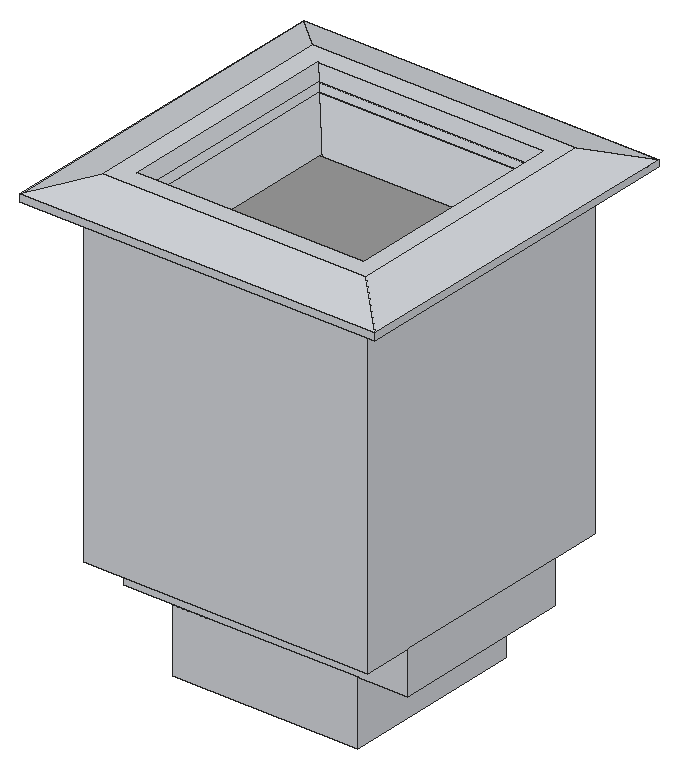
Revit family "2061027 Sylvania Lighting Fixture DOMINO 1xLED 930 BLACK NB TRIM BLACK", category Lighting Fixtures, host Face, Revit 2018
Family settings
  Host = Face
  Round Connector Dimension = Use Diameter
  Part Type = Normal
  OmniClass Number = 23.80.70.00
  OmniClass Title = Lighting
  Cut with Voids When Loaded = No
  Light Source = Yes
  Shared = No
  Room Calculation Point = No
Parameters (values of type "2061027 DOMINO 1XLED 930 BLACK NB TR BLK ")
  top top width = 15.812 mm
  top top length = 26 mm
  Width = 50 mm
  Weight = "n/a"
  Wattage Comments = ""
  Wattage = 9.2903 W
  WarrantyStartDate [instance] = "n/a"
  WarrantyGuarantorParts = "n/a"
  WarrantyDurationUnit = "n/a"
  WarrantyDurationParts = ""
  WarrantyDescription = "http://www.sylvania-lighting.com"
  built-in parameter 1150110 = 1 (stored number, unit not read)
  Voltage = 0 V
  URL = "0.6"
  TypeName = "DOMINO 1xLED 930 BLACK NB TRIM BLACK"
  Type Image = <None>
  Type Comments = "n/a"
  built-in parameter 1114217 = 1 (stored number, unit not read)
  Top Width = 26 mm
  Tilt Angle = 90.00°
  built-in parameter 1150109 = 1 (stored number, unit not read)
  built-in parameter 1150134 = 3
  built-in parameter 1150113 = 1 (stored number, unit not read)
  SerialNumber [instance] = "n/a"
  Recessed Width = 43 mm
  Recessed Length = 43 mm
  Photometric Web File = "2061027.ies"
  Material_3_FEILO = none
  PowerFactor = 0
  PowerConsumption = "Lighting"
  NominalLength = 50 mm
  NominalHeight = 0 mm
  NominalDepth = 0 mm
  Name = "DOMINO 1xLED 930 BLACK NB TRIM BLACK"
  ModelReference = Name  # "DOMINO 1xLED 930 BLACK NB TRIM BLACK"
  ModelNumber = "2061027"
  Model = Name  # "DOMINO 1xLED 930 BLACK NB TRIM BLACK"
  Material = "Feilo Sylvania"
  ManufacturerName = "45 lm/W"
  Manufacturer = ""
  LuminousEfficacy = ""
  built-in parameter 1150105 = 109.82 (stored number, unit not read)
  Lumens = 1380 lm
  LuminaireType = "0"
  built-in parameter 1150115 = 1 (stored number, unit not read)
  LightOutputRatio = "LED"
  built-in parameter 1150137 = (empty or 0)
  built-in parameter 1150139 = (empty or 0)
  Lens inside recess = 25 mm
  Lens Width = 32 mm
  Lens Outside recess = 31.978 mm
  Lens = Glass, White, High Luminance
  Length = 50 mm
  LampsType = Lamp  # "n/a"
  LampNominalLuminous = "3000 K"
  LampMacAdamStep = "90"
  LampColourTemperature = "LED"
  LampColourRenderingIndex = "16500"
  built-in parameter 1150112 = 1 (stored number, unit not read)
  built-in parameter 1150114 = 1 (stored number, unit not read)
  Lamp = "n/a"
  Keynote = "n/a"
  InstallationDate [instance] = "n/a"
  InputVoltage = "0"
  InputNominalFrequency = "3000"
  built-in parameter 1150132 = (empty or 0)
  built-in parameter 1150102 = (empty or 0)
  built-in parameter 1150107 = 3200 (stored number, unit not read)
  built-in parameter 1150138 = (empty or 0)
  IngressProtection = "IfcLightFixtureType"
  ImpactProtectionIndex = "IfcLightFixtureType"
  built-in parameter 1150106 = 1.0982 (stored number, unit not read)
  IfcExportType = "IfcLightFixtureType"
  IfcExportAs = "Class II"
  Facia internal width = 37 mm
  Facia internal length = 37 mm
  Facia Height = 2 mm
  ExpectedLife = 50000
  Emit from Circle Diameter = 609.6 mm
  Emit Shape Visible in Rendering = no
  ElectricShockClassification = "45"
  built-in parameter 1150104 = 13.8 (stored number, unit not read)
  DurationUnit = "hours"
  DocumentationLiterature = "http://www.sylvania-lighting.com/product/en-int/products/2061027"
  DimmingControlOptions = "n/a"
  Material_2_FEILO = none
  Dimming Lamp Color Temperature Shift = <None>
  Description = "Modular LED recessed linear spotlight, ideal for retail and hospitality applications. Die-cast aluminium body, passive cooling. Two levels of reflector installation, low glaring UGR<16. 1x LED source, 15° beam angle , optics: PMMA lens and polycarbonate reflector combination, Black matt reflector finish. Light color temperature: 3000K warm white, total system power: 4W , total fixture lumen output: 180lm, efficacy: 45 lm/W, Ra90 typical, LED chromacity: 3 step MacAdam ellipse (SDCM3), lifespan: 96,000 hours at 90% of the original output (L90B10), IR/UV free light source without heat radiation, operating voltage: 220-240V / 50-60Hz, electronic driver, ultra low flicker, non-dimmable , electrical protection: Class II. Degree of Protection: IP40/IP20, suitable for indoor environment only. Ceiling cut-out: 43x43mm, outer dimensions:  50x50mm trim frame RAL 9005 - Jet black color.5 years Warranty."
  Default Elevation = 1219.2 mm
  CreatedOn = "09/02/2021"
  CreatedBy = "@sylvania-lighting.com"
  Cost = 0
  Color Filter = 16777215
  built-in parameter 1114216 [instance] = (empty or 0)
  ClassificationValue = "EF_70_80"
  ClassificationName = "Uniclass2015"
  Material_1_FEILO = none
  Body Width = 40 mm
  Body Length = 40 mm
  BarCode [instance] = "n/a"
  built-in parameter 1114218 = 1 (stored number, unit not read)
  built-in parameter 1150133 = 10 (stored number, unit not read)
  AssetType = "Fixed"
  AssetIdentifier [instance] = "n/a"
  Assembly Code = "D5020200"
  Apparent Load = 4 VA
  Material_4_FEILO = none
Reference planes
  plane 1 "Center (Front/Back)": y = 0
  plane 2: z = 0
  plane 3 "Center (Left/Right)": x = 0
  plane 4: z = 0
  plane 5: z = -7
  plane 6: z = -45.895
  plane 7: z = -51.895
  plane 8: z = -60.895
  plane 9: x = -21.5
  plane 10: x = 21.5
  plane 11: y = 21.5
  plane 12: y = -21.5
  plane 13: x = -25
  plane 14: x = 25
  plane 15: y = 25
  plane 16: y = -25
  plane 17: x = 18.5
  plane 18: x = -18.5
  plane 19: y = 18.5
  plane 20: y = -18.5
  plane 21: z = 2
  plane 22: x = -20
  plane 23: x = 20
  plane 24: y = 20
  plane 25: y = -20
  plane 26: y = 13
  plane 27: y = -13
  plane 28: y = 16
  plane 29: y = -16
  plane 30: x = 13
  plane 31: x = -13
  plane 32: x = -15.772
  plane 33: x = 16.206
  plane 34: y = 12.5
  plane 35: y = -12.5
  plane 36: x = -12.5
  plane 37: x = 12.5
Forms (mm)
  Extrusion 1, solid, not visible, detail levels medium+fine
    sketch origin (4.2, 0, 0) x (1, 0, 0) y (0, 1, 0)
      loop
        line (-29.2, 34.5) -> (-29.2, -34.5) -> (20.8, -34.5) -> (20.8, 34.5) -> (-29.2, 34.5)
    from 0 to 1
  Extrusion 2, solid, not visible, detail levels medium+fine
    sketch origin (4.044, 0, 0) x (1, 0, 0) y (0, 1, 0)
      loop
        line (-29.2, 34.5) -> (-29.2, -34.5) -> (20.8, -34.5) -> (20.8, 34.5) -> (-29.2, 34.5)
    from 0 to 1
  Blend 3, solid, not visible, detail levels medium+fine
    base sketch origin (4.2, 0, 0) x (1, 0, 0) y (0, 1, 0)
      loop
        line (-29.2, 34.5) -> (-29.2, -34.5) -> (20.8, -34.5) -> (20.8, 34.5) -> (-29.2, 34.5)
    top sketch origin (4.2, 0, 0) x (1, 0, 0) y (0, 1, 0)
      loop
        line (-21.7, 28) -> (-21.7, -28) -> (13.3, -28) -> (13.3, 28) -> (-21.7, 28)
    from 1 to 3
  Extrusion 4, solid, not visible, detail levels medium+fine
    sketch origin (3.419, 0, 0) x (1, 0, 0) y (0, 1, 0)
      loop
        line (-29.2, 34.5) -> (-29.2, -34.5) -> (20.8, -34.5) -> (20.8, 34.5) -> (-29.2, 34.5)
    from 0 to 1
  Blend 5, solid, not visible, detail levels medium+fine
    base sketch origin (3.575, 0, 0) x (1, 0, 0) y (0, 1, 0)
      loop
        line (-29.2, 34.5) -> (-29.2, -34.5) -> (20.8, -34.5) -> (20.8, 34.5) -> (-29.2, 34.5)
    top sketch origin (3.575, 0, 0) x (1, 0, 0) y (0, 1, 0)
      loop
        line (-21.7, 28) -> (-21.7, -28) -> (13.3, -28) -> (13.3, 28) -> (-21.7, 28)
    from 1 to 3
  Extrusion 6, solid, not visible, detail levels medium+fine
    sketch origin (4.247, 0, 0) x (1, 0, 0) y (0, 1, 0)
      loop
        line (-29.2, 34.5) -> (-29.2, -34.5) -> (20.8, -34.5) -> (20.8, 34.5) -> (-29.2, 34.5)
    from 0 to 1
  Blend 7, solid, not visible, detail levels medium+fine
    base sketch origin (4.403, 0, 0) x (1, 0, 0) y (0, 1, 0)
      loop
        line (-29.2, 34.5) -> (-29.2, -34.5) -> (20.8, -34.5) -> (20.8, 34.5) -> (-29.2, 34.5)
    top sketch origin (4.403, 0, 0) x (1, 0, 0) y (0, 1, 0)
      loop
        line (-21.7, 28) -> (-21.7, -28) -> (13.3, -28) -> (13.3, 28) -> (-21.7, 28)
    from 1 to 3
  Extrusion 8, void, detail levels medium+fine
    sketch origin (4.2, 0, 0) x (0, 1, 0) y (1, 0, 0)
      loop
        line (21.5, -25.7) -> (21.5, 17.3) -> (-21.5, 17.3) -> (-21.5, -25.7) -> (21.5, -25.7)
    from -9.934 to 83.097
  Extrusion 9, solid, detail levels medium+fine
    sketch origin (4.2, 0, 0) x (1, 0, 0) y (0, 1, 0)
      loop
        line (-29.2, 25) -> (-29.2, -25) -> (20.8, -25) -> (20.8, 25) -> (-29.2, 25)
    from 0 to 1
  Extrusion 10, solid, detail levels medium+fine
    sketch origin (4.2, 0, 0) x (1, 0, 0) y (0, 1, 0)
      loop
        line (-24.2, 20) -> (-24.2, -20) -> (15.8, -20) -> (15.8, 20) -> (-24.2, 20)
    from 0 to -45.895
  Extrusion 11, solid, detail levels medium+fine
    sketch origin (4.2, 0, 0) x (1, 0, 0) y (0, 1, 0)
      loop
        line (-24.2, 13) -> (-24.2, -13) -> (15.8, -13) -> (15.8, 13) -> (-24.2, 13)
    from -51.895 to -45.895
  Extrusion 12, solid, material "Glass, White, High Luminance" <- "Lens", detail levels fine
    sketch origin (13.547, 1218.849, 36.156) x (1, 0, 0) y (0, 1, 0)
      loop
        line (-26.047, -1206.7) -> (-26.047, -1231.7) -> (-1.047, -1231.7) -> (-1.047, -1206.7) -> (-26.047, -1206.7)
    from -43.156 to -42.182
  Blend 13, solid, detail levels medium+fine
    base sketch origin (4.2, 0, 0) x (1, 0, 0) y (0, 1, 0)
      loop
        line (-29.2, 25) -> (-29.2, -25) -> (20.8, -25) -> (20.8, 25) -> (-29.2, 25)
    top sketch origin (4.2, 0, 0) x (1, 0, 0) y (0, 1, 0)
      loop
        line (-22.7, 18.5) -> (-22.7, -18.5) -> (14.3, -18.5) -> (14.3, 18.5) -> (-22.7, 18.5)
    from 1 to 3
  Extrusion 14, solid, detail levels fine
    sketch origin (0, 0, 0) x (1, 0, 0) y (0, 0, 1)
      loop
        line (-13, -51.895) -> (-13, -60.895) -> (13, -60.895) -> (13, -51.895) -> (-13, -51.895)
    from -13 to 13
  Blend 15, void, detail levels medium+fine
    base sketch origin (4.2, 0, 0) x (0, 1, 0) y (-1, 0, 0)
      loop
        line (16, 19.972) -> (-16, 19.972) -> (-16, -12.006) -> (16, -12.006) -> (16, 19.972)
    top sketch origin (4.2, 0, 0) x (0, 1, 0) y (-1, 0, 0)
      loop
        line (12.5, 16.7) -> (-12.5, 16.7) -> (-12.5, -8.3) -> (12.5, -8.3) -> (12.5, 16.7)
    from 3 to -7
  Extrusion 16, solid, detail levels coarse
    sketch origin (4.2, 0, 0) x (1, 0, 0) y (0, 1, 0)
      loop
        line (-29.2, 25) -> (-29.2, -25) -> (20.8, -25) -> (20.8, 25) -> (-29.2, 25)
    from 3 to -60.895
Cuts and joins
  Blend 15 cuts Extrusion 9
  Blend 15 cuts Extrusion 10
  Blend 15 cuts Blend 13
Dimensions and locks
  "Recessed Length": plane 9 to plane 10
  equal spacing: plane 9, plane 3 "Center (Left/Right)", plane 10
  "Length": plane 13 to plane 14
  equal spacing: plane 13, plane 3 "Center (Left/Right)", plane 14
  "Recessed Width": plane 11 to plane 12
  equal spacing: plane 11, plane 1 "Center (Front/Back)", plane 12
  "Width": plane 15 to plane 16
  equal spacing: plane 15, plane 1 "Center (Front/Back)", plane 16
  "Facia internal length": plane 18 to plane 17
  equal spacing: plane 18, plane 3 "Center (Left/Right)", plane 17
  "Facia internal width": plane 19 to plane 20
  equal spacing: plane 19, plane 1 "Center (Front/Back)", plane 20
  "Facia Height": plane 21 to host face
  "Body Length": plane 22 to plane 23
  equal spacing: plane 22, plane 3 "Center (Left/Right)", plane 23
  "Body Width": plane 24 to plane 25
  equal spacing: plane 24, plane 1 "Center (Front/Back)", plane 25
  "Top Width": plane 26 to plane 27
  equal spacing: plane 26, plane 1 "Center (Front/Back)", plane 27
  "Lens Width": plane 28 to plane 29
  equal spacing: plane 28, plane 1 "Center (Front/Back)", plane 29
  "top top length": plane 31 to plane 30
  equal spacing: plane 31, plane 3 "Center (Left/Right)", plane 30  (x2)
  plane 30 to plane 31 = 26 mm
  equal spacing: plane 30, plane 3 "Center (Left/Right)", plane 31
  "Lens Outside recess": plane 32 to plane 33
  "Lens inside recess": plane 34 to plane 35
  equal spacing: plane 34, plane 1 "Center (Front/Back)", plane 35
  aligned and locked: plane 2 to host face
  aligned and locked: level to host face
  aligned and locked: Extrusion 11 to plane 7
  aligned and locked: Extrusion 10 to plane 6
  aligned and locked: cut or joined group of Blend 13, Blend 15 to Blend 15
Automatic sketch dimensions
  host sketch curve to host sketch curve = 2438.4 mm  (x2)
  Extrusion 1 sketch curve to Extrusion 1 sketch curve = 50 mm
  Extrusion 1 sketch curve to Extrusion 1 sketch curve = 69 mm
  Extrusion 2 sketch curve to Extrusion 2 sketch curve = 50 mm
  Extrusion 2 sketch curve to Extrusion 2 sketch curve = 69 mm
  Blend 3 sketch curve to Blend 3 sketch curve = 50 mm
  Blend 3 sketch curve to Blend 3 sketch curve = 69 mm
  Blend 3 sketch curve to Blend 3 sketch curve = 35 mm
  Blend 3 sketch curve to Blend 3 sketch curve = 56 mm
  Extrusion 4 sketch curve to Extrusion 4 sketch curve = 50 mm
  Extrusion 4 sketch curve to Extrusion 4 sketch curve = 69 mm
  Blend 5 sketch curve to Blend 5 sketch curve = 50 mm
  Blend 5 sketch curve to Blend 5 sketch curve = 69 mm
  Blend 5 sketch curve to Blend 5 sketch curve = 35 mm
  Blend 5 sketch curve to Blend 5 sketch curve = 56 mm
  Extrusion 6 sketch curve to Extrusion 6 sketch curve = 50 mm
  Extrusion 6 sketch curve to Extrusion 6 sketch curve = 69 mm
  Blend 7 sketch curve to Blend 7 sketch curve = 50 mm
  Blend 7 sketch curve to Blend 7 sketch curve = 69 mm
  Blend 7 sketch curve to Blend 7 sketch curve = 35 mm
  Blend 7 sketch curve to Blend 7 sketch curve = 56 mm
  plane 9 to Extrusion 8 sketch curve = 0 mm
  Extrusion 8 sketch curve to plane 12 = 0 mm
  Extrusion 8 sketch curve to plane 11 = 0 mm
  Extrusion 8 sketch curve to plane 10 = 0 mm
  plane 13 to Extrusion 9 sketch curve = 0 mm
  plane 14 to Extrusion 9 sketch curve = 0 mm
  Extrusion 9 sketch curve to plane 16 = 0 mm
  Extrusion 9 sketch curve to plane 15 = 0 mm
  Extrusion 10 sketch curve to plane 22 = 0 mm
  Extrusion 10 sketch curve to plane 23 = 0 mm
  Extrusion 10 sketch curve to plane 25 = 0 mm
  Extrusion 10 sketch curve to plane 24 = 0 mm
  Extrusion 11 sketch curve to plane 22 = 0 mm
  Extrusion 11 sketch curve to plane 23 = 0 mm
  Extrusion 11 sketch curve to plane 27 = 0 mm
  Extrusion 11 sketch curve to plane 26 = 0 mm
  Extrusion 12 sketch curve to plane 11 = 9.351 mm
  plane 1 "Center (Front/Back)" to Extrusion 12 sketch curve = 12.851 mm
  plane 18 to Extrusion 12 sketch curve = 6 mm
  Blend 13 sketch curve to plane 13 = 0 mm
  Blend 13 sketch curve to plane 14 = 0 mm
  Blend 13 sketch curve to plane 16 = 0 mm
  Blend 13 sketch curve to plane 15 = 0 mm
  Blend 13 sketch curve to plane 18 = 0 mm
  Blend 13 sketch curve to plane 17 = 0 mm
  Blend 13 sketch curve to plane 20 = 0 mm
  Blend 13 sketch curve to plane 19 = 0 mm
  Extrusion 12 sketch curve to Extrusion 12 sketch curve = 25 mm
  Extrusion 14 sketch curve to plane 8 = 0 mm
  Extrusion 14 sketch curve to plane 31 = 0 mm
  Extrusion 14 sketch curve to plane 30 = 0 mm
  Extrusion 14 sketch curve to plane 7 = 0 mm
  Blend 15 sketch curve to plane 29 = 0 mm
  Blend 15 sketch curve to plane 28 = 0 mm
  Blend 15 sketch curve to plane 33 = 0 mm
  Blend 15 sketch curve to plane 32 = 0 mm
  Blend 15 sketch curve to plane 35 = 0 mm
  Blend 15 sketch curve to plane 34 = 0 mm
  Blend 15 sketch curve to plane 37 = 0 mm
  Blend 15 sketch curve to plane 36 = 0 mm
  Extrusion 16 sketch curve to plane 13 = 0 mm
  Extrusion 16 sketch curve to plane 14 = 0 mm
  Extrusion 16 sketch curve to plane 16 = 0 mm
  Extrusion 16 sketch curve to plane 15 = 0 mm
Connectors
  electrical at (0, 0, -60.895)
    settings: on Extrusion 14, index 1, voltage 0 V, apparent load 0 VA, apparent load phase1 0 VA, apparent load phase2 0 VA, apparent load phase3 0 VA, power factor 1, load classification "Other", number of poles 1, system type 31, power factor state 1, is connector primary yes, connector utility no, sub classification motor no, connector description ""
